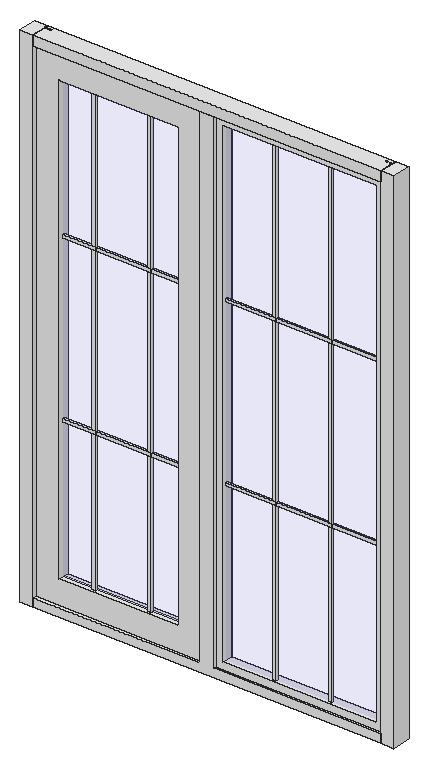
Revit family "Door_Curtain_Wall-Outswing_With_Sidelite-Traco-NX-8910-One_Panel", category Curtain Panels, Revit 2015
Parameters (values of type "NX-8910 - One_Panel-Sidelite")
  Water Resistance = 15.0000 psf
  Uniform Load Structural = 75.0000 psf
  Uniform Load Deflection = 50.0000 psf
  Product data url = "https://bimobject.com/kawneerna/product/89101"
  Product Page URL = "http://www.alcoa.com/traco/en/product.asp?cat_id=1912&prod_id=4259"
  Product Documentation Link = "http://www.alcoa.com/traco/en/cad_spec.asp?cat_id=1912&prod_id=4259&area=prod"
  Panel Width [instance] = (Door Width / 2) - 0' 3 7/16"  # 2' - 5.31356"
  Panel Material [instance] = Aluminum - Traco - Anodized - Gray
  Panel Height [instance] = Door Height - 0' 3 1/4"  # 7' - 2 3/4"
  Muntin Type = Muntin-Grid-Traco-Lites : Interior
  Glass Material [instance] = Glass - Traco - Clear
  Frame Material [instance] = Aluminum - Traco - Anodized - Gray
  Door Width [instance] = if(CTRL Opening Width < Door Width Minimum, Door Width Minimum, if(CTRL Opening Width > Door Width Maximum, Door Width Maximum, CTRL Opening Width))  # 5' - 5.50212"
  Door Height [instance] = if(CTRL Opening Height < Door Height Minimum, Door Height Minimum, if(CTRL Opening Height > Door Height Maximum, Door Height Maximum, CTRL Opening Height))  # 7' - 6"
  Door Base = 0' - 1 1/8"
  Copyright © = "2011 Traco"  # constant formula
  CTRL Opening Width [instance] = 5' - 5.50212"
  URL = "http://www.alcoa.com/traco/en/home.asp"
  U Factor = "0.40*"
  Type Comments = "1 Panel With Sidelite"
  Test Size = "48\" X 96\""
  Model = "NX-8910"
  Manufacturer = "Traco"  # constant formula
  CTRL Opening Height [instance] = 7' - 6"
  Has Muntins [instance] = yes
  Glazing Thickness = 0' - 0 3/8"  # constant formula
  Forced Entry Resistance = ""
  Door Width Minimum [instance] = 4' - 0"
  Door Width Maximum [instance] = 8' - 0"
  Door Swing Angle [instance] = 0.00°
  Door Height Minimum [instance] = 6' - 0"
  Door Height Maximum [instance] = 10' - 0"
  Designation = "AAMA/WDMA/CSA 101/I.S.2/A-440-05: HS-C50 And AAMA/WDMA/CSA 101/I.S.2/A-440-08:AW-PG50-ATD"
  Description = "Single Door"
  Condensation Resistance = "48"
  CTRL Muntin Height [instance] = Panel Height  # 7' - 2 3/4"
  Assembly Code = "B2020220"
  Allowable Air Infiltration Maximum = "0.1 @ 6.2 PSF"
Reference planes (in)
  plane 1 "Front": y = 0
  plane 2: z = 0
  plane 3 "Center (Left/Right)": x = 0
  plane 4 "Left": x = -32.75106
  plane 5 "Right": x = 32.75106
  plane 6 "Top": z = 90
  plane 7 "Door Base": z = 1.125
  plane 8 "Muntin Center F_B": y = 1.5
  plane 9 "Door Left": x = -30.50106
  plane 10 "Stop Front": y = 2.5
  plane 11 "Back": y = 3.25
  plane 12 "Center Left": x = -1.1875
  plane 13 "Center Right": x = 1.1875
  plane 14 "Door Right": x = 30.50106
  plane 15 "Panel Top": z = 88.25
  plane 16 "Right Panel Right": x = 29.37606
  plane 17 "Left Panel Left": x = -29.37606
  plane 18 "Right Door Center Left": x = 2.3125
  plane 19 "Left Door Center Right": x = -2.32399
  plane 20: z = 1.5
Text (in)
  text "Exterior" at (-54.29358, -14.36257, 0), in view "Ref. Level"
  text "Exterior" at (480, 41.53993, 89.60405), in view "Right"
  text "Exterior" at (-240, 57.82419, 105.78864), in view "Left"
Dimensions and locks (in)
  equal spacing: plane 4 "Left", plane 3 "Center (Left/Right)", plane 5 "Right"
  "Door Base": plane 2 to plane 7 "Door Base"
  "CTRL Opening Width": plane 4 "Left" to plane 5 "Right"
  locked: plane 4 "Left" to plane 9 "Door Left" at 2.25
  locked: plane 1 "Front" to plane 10 "Stop Front" at 2.5
  locked: plane 1 "Front" to plane 11 "Back" at 3.25
  locked: plane 12 "Center Left" to plane 3 "Center (Left/Right)" at 1.1875
  locked: plane 3 "Center (Left/Right)" to plane 13 "Center Right" at 1.1875
  locked: plane 14 "Door Right" to plane 5 "Right" at 2.25
  locked: plane 6 "Top" to plane 15 "Panel Top" at 1.75
  locked: plane 20 to plane 2 at 1.5
  locked: plane 9 "Door Left" to plane 17 "Left Panel Left" at 1.125
  locked: plane 13 "Center Right" to plane 18 "Right Door Center Left" at 1.125
  locked: plane 19 "Left Door Center Right" to plane 12 "Center Left" at 1.13649
  locked: plane 16 "Right Panel Right" to plane 14 "Door Right" at 1.125
  locked: plane 1 "Front" to plane 8 "Muntin Center F_B" at 1.5
  "CTRL Opening Height": plane 6 "Top" to plane 2
  aligned and locked: level to plane 2
  aligned: nested 1 to nested 2  (x2)
  aligned: nested 1 to plane 7 "Door Base"
  aligned and locked: plane 3 "Center (Left/Right)" to nested 2
  aligned and locked: nested 1 to nested 1
  aligned: nested 1 to plane 9 "Door Left"  (x2)
  aligned: plane 1 "Front" to nested 2
  aligned and locked: plane 10 "Stop Front" to nested 1
  aligned and locked: plane 1 "Front" to nested 2
  aligned and locked: nested 1 to nested 3
  aligned: plane 13 "Center Right" to nested 3  (x2)
  aligned: plane 7 "Door Base" to nested 3
  aligned: plane 15 "Panel Top" to nested 3  (x2)
  aligned: nested 1 to plane 15 "Panel Top"  (x2)
  aligned: nested 1 to plane 17 "Left Panel Left"
  aligned: nested 1 to plane 20
  aligned and locked: nested 1 to plane 20
  aligned and locked: plane 20 to nested 3
  aligned: nested 3 to plane 14 "Door Right"
  aligned and locked: plane 13 "Center Right" to nested 3
  aligned and locked: nested 1 to plane 12 "Center Left"
  aligned: plane 15 "Panel Top" to nested 4
  aligned: nested 4 to plane 20
  aligned: nested 4 to plane 12 "Center Left"
  aligned: plane 9 "Door Left" to nested 4
  aligned: nested 9 to plane 13 "Center Right"
  aligned: nested 9 to plane 14 "Door Right"
  aligned: nested 9 to plane 20
  aligned: plane 15 "Panel Top" to nested 9
  aligned and locked: nested 4 to plane 20
  aligned and locked: nested 4 to plane 12 "Center Left"
  aligned and locked: nested 9 to plane 20
  aligned and locked: nested 9 to plane 13 "Center Right"
Nested families (in)
  nested 1: "Door-Glass_Panel-Traco-(TR-8910)" at (5.49894, 2.875, 1.5) x (-1, 0, 0) z (0, 0, 1), Width <- "Panel Width", Height <- "Panel Height", Panel Material <- "Panel Material", Glass Material <- "Glass Material", Angle <- "Door Swing Angle", Glazing Thickness <- "Glazing Thickness", type "S", detail levels fine
    with built-in parameter 1001301 2' - 5.31356", built-in parameter 1001302 0' - 2", Panel Offset 0' - 4 1/4", Panel Material Aluminum - Traco - Anodized - Gray, Panel Finish none, Hidden Swing Angle 90.00°, built-in parameter 1001300 7' - 2 3/4", Glazing Thickness 0' - 0 3/8", Glazing "Low E-Argon", Glass Material Glass - Traco - Clear, Elevation Swing yes, Angle 0.00°
  nested 2: "Door_Frame-Outswing-Traco-(NX-8910)-Single_Panel_With_Sidelite" at (-24, 1.625, 0), Material <- "Frame Material", type "Standard Sill"
    with Material Aluminum - Traco - Anodized - Gray, Door Width 5' - 5.50212", Door Height 7' - 6"
  nested 3: "Door-Glass_Panel-Traco-(TR-8910)-Sidelite" at (15.84428, 2.5, 1.5), Glass Material <- "Glass Material", Glazing Thickness <- "Glazing Thickness", Height <- "Panel Height", Width <- "Panel Width", Panel Material <- "Panel Material", type "T"
    with built-in parameter 1001301 2' - 5.31356", built-in parameter 1001302 0' - 2", Panel Offset 0' - 4 1/4", Panel Material Aluminum - Traco - Anodized - Gray, Panel Finish none, built-in parameter 1001300 7' - 2 3/4", Glazing Thickness 0' - 0 3/8", Glazing "Low E-Argon", Glass Material Glass - Traco - Clear
  nested 4: "Muntin-Grid-Traco-Lites" at (-15.84428, 1.5, 44.875) x (1, 0, 0) z (0, -1, 0), type <- "Muntin Type", visible <- "Has Muntins", Glazing Thickness <- "Glazing Thickness", Sash Height <- "Panel Height", Length <- "Panel Width", type "Interior"
    with Sash Height 7' - 2 3/4", Material Aluminum - Traco - Anodized - Gray, Length 2' - 5.31356", Glazing Thickness 0' - 0 3/8", CTRL Muntin Vertical Distance 2' - 4.91667", CTRL Muntin Horizontal Distance 0' - 9.77119", CTRL Face Offset 0' - 0 1/4", CTRL Bar Vertical Visibility no, CTRL Bar Horizontal Visibility no, CTRL Array Vertical Visibility yes, CTRL Array Horizontal Visibility yes, Has Interior Muntins yes, Has Exterior Muntins no
  nested 5: "Muntin-Trapezoid-Traco-Single" at (-10.95869, 1.4375, 44.875) x (0, 0, -1) z (0, -1, 0), type "Standard Colonial"
    with Material Aluminum - Traco - Anodized - Gray, Length 7' - 2 3/4", Width Top 0' - 0 9/16", Width Base 0' - 0 9/16", Height 0' - 0 5/16"
  nested 6: "Muntin-Trapezoid-Traco-Single" at (-15.84428, 1.4375, 59.33333) x (-1, 0, 0) z (0, -1, 0), type "Standard Colonial"
    with Material Aluminum - Traco - Anodized - Gray, Length 2' - 5.31356", Width Top 0' - 0 9/16", Width Base 0' - 0 9/16", Height 0' - 0 5/16"
  nested 7: "Muntin-Trapezoid-Traco-Single" at (-20.72987, 1.4375, 44.875) x (0, 0, -1) z (0, -1, 0), type "Standard Colonial"
    with Material Aluminum - Traco - Anodized - Gray, Length 7' - 2 3/4", Width Top 0' - 0 9/16", Width Base 0' - 0 9/16", Height 0' - 0 5/16"
  nested 8: "Muntin-Trapezoid-Traco-Single" at (-15.84428, 1.4375, 30.41667) x (-1, 0, 0) z (0, -1, 0), type "Standard Colonial"
    with Material Aluminum - Traco - Anodized - Gray, Length 2' - 5.31356", Width Top 0' - 0 9/16", Width Base 0' - 0 9/16", Height 0' - 0 5/16"
  nested 9: "Muntin-Grid-Traco-Lites" at (15.84428, 1.5, 44.875) x (1, 0, 0) z (0, -1, 0), type <- "Muntin Type", visible <- "Has Muntins", Glazing Thickness <- "Glazing Thickness", Sash Height <- "Panel Height", Length <- "Panel Width", type "Interior"
    with Sash Height 7' - 2 3/4", Material Aluminum - Traco - Anodized - Gray, Length 2' - 5.31356", Glazing Thickness 0' - 0 3/8", CTRL Muntin Vertical Distance 2' - 4.91667", CTRL Muntin Horizontal Distance 0' - 9.77119", CTRL Face Offset 0' - 0 1/4", CTRL Bar Vertical Visibility no, CTRL Bar Horizontal Visibility no, CTRL Array Vertical Visibility yes, CTRL Array Horizontal Visibility yes, Has Interior Muntins yes, Has Exterior Muntins no
  nested 10: "Muntin-Trapezoid-Traco-Single" at (20.72987, 1.4375, 44.875) x (0, 0, -1) z (0, -1, 0), type "Standard Colonial"
    with Material Aluminum - Traco - Anodized - Gray, Length 7' - 2 3/4", Width Top 0' - 0 9/16", Width Base 0' - 0 9/16", Height 0' - 0 5/16"
  nested 11: "Muntin-Trapezoid-Traco-Single" at (15.84428, 1.4375, 59.33333) x (-1, 0, 0) z (0, -1, 0), type "Standard Colonial"
    with Material Aluminum - Traco - Anodized - Gray, Length 2' - 5.31356", Width Top 0' - 0 9/16", Width Base 0' - 0 9/16", Height 0' - 0 5/16"
  nested 12: "Muntin-Trapezoid-Traco-Single" at (10.95869, 1.4375, 44.875) x (0, 0, -1) z (0, -1, 0), type "Standard Colonial"
    with Material Aluminum - Traco - Anodized - Gray, Length 7' - 2 3/4", Width Top 0' - 0 9/16", Width Base 0' - 0 9/16", Height 0' - 0 5/16"
  nested 13: "Muntin-Trapezoid-Traco-Single" at (15.84428, 1.4375, 30.41667) x (-1, 0, 0) z (0, -1, 0), type "Standard Colonial"
    with Material Aluminum - Traco - Anodized - Gray, Length 2' - 5.31356", Width Top 0' - 0 9/16", Width Base 0' - 0 9/16", Height 0' - 0 5/16"
Definition of nested family "Door-Glass_Panel-Traco-(TR-8910)"
  Parameters
    Width [instance] = 3' - 0"
    Visible Light Transmission = 0
    URL = "www.integratedcontentsolutions.com"
    U Value = 0
    Type Comments = "Panel theory and model developed by Integrated Content Solutions"  # constant formula
    Thickness [instance] = 0' - 2 3/4"
    Stile Right = 0' - 4 1/8"
    Stile Left = 0' - 4 1/8"
    Solar Heat Gain Coefficient = 0
    Rail Head = 0' - 4 1/8"
    Rail Bottom = 0' - 4 1/8"
    R Value = 0
    Product Documentation Link = "www.integratedcontentsolutions.com"
    Panel Offset [instance] = 0' - 4 1/4"
    Panel Material [instance] = none
    Panel Finish [instance] = none
    Manufacturer = "Integrated Content Solutions"  # constant formula
    LEED Credit = ""
    Hidden Swing Angle [instance] = 90.00°
    Height [instance] = 7' - 0"
    Glazing Thickness [instance] = 0' - 1"
    Glazing [instance] = "Low E-Argon"
    Glass Material [instance] = none
    Function = 1
    Energy Star Zone = ""
    Elevation Swing [instance] = yes
    Copyright © = "Integrated Content Solutions © 2009"  # constant formula
    Assembly Code = "C1020110"
    Appear In Schedule = 0 = 1  # no
    Angle [instance] = 90.00°
    Air Leakage = 0
  Reference planes (in)
    plane 1 "Exterior": y = 0
    plane 2 "Bottom": z = 0
    plane 3 "Strike": x = 0
    plane 4 "Interior": y = -2.75
    plane 5 "Hinge": x = 36
    plane 6 "Top": z = 84
    plane 7 "Panel Center of Thickness": y = -1.375
    plane 8 "Panel Left": x = 4.125
    plane 9 "Panel Right": x = 31.875
    plane 10 "Panel Top": z = 79.875
    plane 11 "Panel Bottom": z = 4.125
    plane 12 "Glass Exterior": y = -0.875
    plane 13 "Glass Interior": y = -1.875
    plane 14 "Center L_R": x = 18
  Forms (in)
    Extrusion 1, solid, material <- "Panel Material"
      sketch origin (0, 0, 0) x (1, 0, 0) y (0, 0, 1)
        loop
          line (0, 84) -> (0, 0) -> (36, 0) -> (36, 84) -> (0, 84)
        loop
          line (4.125, 79.875) -> (4.125, 4.125) -> (31.875, 4.125) -> (31.875, 79.875) -> (4.125, 79.875)
      from 0 to 2.75
    Extrusion 2, solid, material <- "Glass Material"
      sketch origin (0, 0, 0) x (1, 0, 0) y (0, 0, -1)
        loop
          line (4.125, -79.875) -> (31.875, -79.875) -> (31.875, -4.125) -> (4.125, -4.125) -> (4.125, -79.875)
      from -1.875 to -0.875
  Lines and regions (in)
    Masking region 1
      outline origin (0, -1.375, 0) x (-1, 0, 0) y (0, 0, 1)
        loop
          line (0, 0) -> (0, 84) -> (-36, 84) -> (-36, 0) -> (0, 0)
        loop
          line (-4.125, 4.125) -> (-4.125, 79.875) -> (-31.875, 79.875) -> (-31.875, 4.125) -> (-4.125, 4.125)
    symbolic lines
      curve 1: line (4.125, -1.375, 4.125) -> (31.875, -1.375, 4.125)
      curve 2: line (4.125, -1.375, 79.875) -> (4.125, -1.375, 4.125)
      curve 3: line (31.875, -1.375, 79.875) -> (4.125, -1.375, 79.875)
      curve 4: line (31.875, -1.375, 4.125) -> (31.875, -1.375, 79.875)
  Dimensions and locks (in)
    "Width": plane 3 "Strike" to plane 5 "Hinge"
    "Thickness": plane 4 "Interior" to plane 1 "Exterior"
    "Height": plane 6 "Top" to plane 2 "Bottom"
    equal spacing: plane 4 "Interior", plane 7 "Panel Center of Thickness", plane 1 "Exterior"
    "Stile Left": plane 8 "Panel Left" to plane 3 "Strike"
    "Stile Right": plane 5 "Hinge" to plane 9 "Panel Right"
    "Rail Bottom": plane 11 "Panel Bottom" to plane 2 "Bottom"
    "Rail Head": plane 6 "Top" to plane 10 "Panel Top"
    equal spacing: plane 13 "Glass Interior", plane 7 "Panel Center of Thickness", plane 12 "Glass Exterior"
    "Glazing Thickness": plane 13 "Glass Interior" to plane 12 "Glass Exterior"
    equal spacing: plane 5 "Hinge", plane 14 "Center L_R", plane 3 "Strike"
    aligned and locked: plane 3 "Strike" to Extrusion 1 sketch curve
    aligned and locked: Extrusion 1 sketch curve to plane 6 "Top"
    aligned and locked: level to Extrusion 1 sketch curve
    aligned and locked: Extrusion 1 sketch curve to plane 5 "Hinge"
    aligned and locked: Extrusion 1 to plane 1 "Exterior"
    aligned and locked: plane 4 "Interior" to Extrusion 1
    aligned and locked: level to plane 2 "Bottom"
    aligned and locked: plane 8 "Panel Left" to Extrusion 1 sketch curve
    aligned and locked: Extrusion 1 sketch curve to plane 10 "Panel Top"
    aligned and locked: plane 11 "Panel Bottom" to Extrusion 1 sketch curve
    aligned and locked: Extrusion 1 sketch curve to plane 9 "Panel Right"
    aligned and locked: Extrusion 2 to plane 13 "Glass Interior"
    aligned and locked: plane 12 "Glass Exterior" to Extrusion 2
    aligned and locked: plane 6 "Top" to Masking region 1 sketch curve
    aligned and locked: Masking region 1 sketch curve to plane 3 "Strike"
    aligned and locked: plane 5 "Hinge" to Masking region 1 sketch curve
    aligned and locked: Masking region 1 sketch curve to plane 2 "Bottom"
    aligned and locked: curve 2 to plane 8 "Panel Left"
    aligned and locked: plane 10 "Panel Top" to curve 3
    aligned and locked: plane 9 "Panel Right" to curve 4
    aligned and locked: curve 1 to plane 11 "Panel Bottom"
    aligned and locked: plane 4 "Interior" to nested 1
    aligned and locked: Extrusion 2 to plane 8 "Panel Left"
    aligned and locked: plane 9 "Panel Right" to Extrusion 2
    aligned and locked: plane 10 "Panel Top" to Masking region 1 sketch curve
    aligned and locked: Masking region 1 sketch curve to plane 8 "Panel Left"
    aligned and locked: plane 9 "Panel Right" to Masking region 1 sketch curve
    aligned and locked: Masking region 1 sketch curve to plane 11 "Panel Bottom"
    aligned and locked: Extrusion 2 sketch curve to plane 10 "Panel Top"
    aligned and locked: Extrusion 2 sketch curve to plane 9 "Panel Right"
    aligned and locked: plane 8 "Panel Left" to Extrusion 2 sketch curve
    aligned and locked: plane 11 "Panel Bottom" to Extrusion 2 sketch curve
  Nested families (in)
    nested 1: "Plan Swing" at (0, -2.75, 0), Width <- "Width", Thickness <- "Thickness", Height <- "Height", Angle <- "Angle", Elevation Swing Visibility <- "Elevation Swing", Hidden Swing Angle <- "Hidden Swing Angle", type "Plan Swing"
      with Width 3' - 0", Thickness 0' - 2 3/4", Slide Indicator Visbility no, Plan Swing Visibility yes, Hidden Swing Visibility no, Hidden Swing Angle 90.00°, Hidden Angle CTRL 90.00°, Height 7' - 0", Elevation Swing Visibility yes, Closed Panel Visaibilty no, Angle CTRL 90.00°, Angle 90.00°
  Definition of nested family "Plan Swing"
    Parameters
      Width [instance] = 3' - 0"
      URL = "www.integratedcontentsolutions.com"
      Type Comments = "Swing graphics developed by Integrated Content Solutions"  # constant formula
      Thickness [instance] = 0' - 2"
      Slide Indicator Visbility [instance] = no
      Plan Swing Visibility [instance] = Angle > 0.00°  # yes
      Manufacturer = "Integrated Content Solutions"  # constant formula
      Hidden Swing Visibility [instance] = yes
      Hidden Swing Angle [instance] = 90.00°
      Hidden Angle CTRL [instance] = if(Hidden Swing Angle < 5.00°, 5.00°, if(Hidden Swing Angle > 175.00°, 175.00°, Hidden Swing Angle))  # 90.00°
      Height [instance] = 7' - 0"
      Elevation Swing Visibility [instance] = yes
      Copyright © = "Integrated Content Solutions © 2009"  # constant formula
      Closed Panel Visaibilty [instance] = Angle = 0.00°  # no
      Assembly Code = ""
      Angle CTRL [instance] = if(Angle < 5.00°, 5.00°, if(Angle > 175.00°, 175.00°, Angle))  # 45.00°
      Angle [instance] = 45.00°
    Reference planes (in)
      plane 1 "Exterior": y = 0
      plane 2 "Bottom": z = 0
      plane 3 "Strike": x = 0
      plane 4 "Hinge": x = 36
      plane 5 "Top": z = 84
      plane 6 "Interior": y = -2
    Lines and regions (in)
      model lines
        curve 1: line (0, 0, 0) -> (0, -2, 0)
        curve 2: line (36, -2, 0) -> (36, 0, 0)
      symbolic lines, visible <- "Plan Swing Visibility"
        curve 3: line (36, 0, 0) -> (10.54416, 25.45584, 0)
        curve 4: line (10.54416, 25.45584, 0) -> (9.12994, 24.04163, 0)
        curve 5: line (9.12994, 24.04163, 0) -> (34.58579, -1.41421, 0)
        curve 6: line (34.58579, -1.41421, 0) -> (36, 0, 0)
        curve 13: arc (10.54416, 25.45584, 0) -> (2.74034, 13.7766, 0) -> (0, 0, 0) r 36
      symbolic lines, visible <- "Elevation Swing Visibility"
        curve 7: line (0, -2, 84) -> (36, -2, 42)
        curve 8: line (36, -2, 42) -> (0, -2, 0)
      symbolic lines, visible <- "Hidden Swing Visibility"
        curve 9: line (36, 0, 0) -> (36, 36, 0)
        curve 10: line (36, 36, 0) -> (34, 36, 0)
        curve 11: line (34, 36, 0) -> (34, 0, 0)
        curve 12: line (34, 0, 0) -> (36, 0, 0)
        curve 18: arc (0, 0, 0) -> (10.54416, 25.45584, 0) -> (36, 36, 0) r 36
      symbolic lines, visible <- "Closed Panel Visaibilty"
        curve 14: line (0, 0, 0) -> (36, 0, 0)
        curve 15: line (0, -2, 0) -> (0, 0, 0)
        curve 16: line (36, -2, 0) -> (0, -2, 0)
        curve 17: line (36, 0, 0) -> (36, -2, 0)
      symbolic lines, visible <- "Slide Indicator Visbility"
        curve 19: line (18, -2, 42.16893) -> (15.87868, -2, 44.29025)
        curve 20: line (18, -2, 42.16893) -> (15.87868, -2, 40.04761)
        curve 21: line (18, -2, 42.16893) -> (9, -2, 42.16893)
    Dimensions and locks (in)
      "Width": plane 3 "Strike" to plane 4 "Hinge"
      "Height": plane 5 "Top" to plane 2 "Bottom"
      equal spacing: plane 5 "Top", curve 8, plane 2 "Bottom"
      "Thickness": plane 6 "Interior" to plane 1 "Exterior"
      "Thickness": curve 3 to curve 5
      "Width": curve 6 to curve 4
      "Width": curve 9 to curve 9
      "Thickness": curve 9 to curve 11
      locked: curve 21 to curve 21 at 9
      equal spacing: plane 4 "Hinge", curve 21, plane 3 "Strike"
      locked: curve 3 to curve 6 (angle 90.00°)
      locked: curve 5 to curve 6 (angle 90.00°)
      locked: curve 4 to curve 3 (angle 90.00°)
      locked: curve 9 to curve 12 (angle 90.00°)
      locked: curve 11 to curve 12 (angle 90.00°)
      locked: curve 10 to curve 9 (angle 90.00°)
      "Hidden Angle CTRL": angle curve 9 to plane 1 "Exterior"
      "Angle CTRL": angle curve 3 to plane 1 "Exterior"
      aligned and locked: plane 2 "Bottom" to level
      aligned and locked: plane 1 "Exterior" to curve 2
      aligned and locked: plane 4 "Hinge" to curve 2
      aligned and locked: plane 6 "Interior" to curve 1
      aligned and locked: plane 6 "Interior" to curve 2
      aligned and locked: plane 4 "Hinge" to curve 9
      aligned and locked: curve 1 to plane 3 "Strike"
      aligned and locked: plane 3 "Strike" to curve 15
      aligned and locked: plane 1 "Exterior" to curve 14
    Automatic sketch dimensions
      curve 8 to level = 0' - 0"
      curve 8 to plane 3 "Strike" = 0' - 0"
      curve 7 to plane 3 "Strike" = 0' - 0"
      curve 7 to plane 4 "Hinge" = 0' - 0"
      curve 7 to plane 5 "Top" = 0' - 0"
      curve 19 to curve 20 = 0' - 0"
      curve 20 to curve 20 = 0' - 2.12132"
      curve 20 to curve 7 = 0' - 1.95239"
      curve 20 to curve 19 = 0' - 2.12132"
Definition of nested family "Door_Frame-Outswing-Traco-(NX-8910)-Single_Panel_With_Sidelite"
  Parameters
    Mullion Thickness = 0' - 2 3/8"
    Material [instance] = none
    Jamb Thickness = 0' - 2 1/4"
    Head Thickness = 0' - 1 3/4"
    Frame Depth = 0' - 3 1/4"
    Door Width = 4' - 0"
    Door Height = 8' - 0"
    Assembly Code = ""
  Reference planes (in)
    plane 1 "Center (Front/Back)": y = 0
    plane 2 "Bottom": z = 0
    plane 3 "Center (Left/Right)": x = 24
    plane 4 "Interior": y = 1.625
    plane 5 "Exterior": y = -1.625
    plane 6 "Left Side": x = 0
    plane 7 "Top of Frame": z = 96
    plane 8 "Inside Frame Left Side": x = 2.25
    plane 9 "Inside Frame Right Side": x = 45.75
    plane 10 "Top Rail Bottom": z = 94.25
    plane 11 "Bottom Rail Top": z = 1.5
    plane 12 "Right Side": x = 48
    plane 13 "Mullion Left Side": x = 22.8125
    plane 14 "Mullion Right Side": x = 25.1875
    plane 15 "Stop Left": x = 3.375
    plane 16 "Stop Right": x = 44.625
    plane 17 "Bottom Stop Top": z = 2.4375
    plane 18 "Top Stop Bottom": z = 93.375
    plane 19 "Center Stop Left": x = 21.6875
    plane 20 "Center Stop Right": x = 26.3125
    plane 21 "Tab Back": y = 1
    plane 22 "Tab Front": y = 0.875
  Forms (in)
    Extrusion 1, solid, material <- "Material"
      sketch origin (24, 0, 0) x (0, 1, 0) y (0, 0, 1)
        loop
          line (1.625, 0) -> (1.625, 2) -> (0.875, 2.4375) -> (0.875, 1.5) -> (-1.625, 1.5) -> (-1.625, 0) -> (1.625, 0)
      from -21.75 to 21.75
    Extrusion 2, solid, material <- "Material"
      sketch origin (24, 0, 0) x (0, 1, 0) y (0, 0, 1)
        loop
          line (-1.625, 96) -> (-1.625, 94.25) -> (0.875, 94.25) -> (0.875, 93.375) -> (1, 93.375) -> (1, 94.25) -> (1.625, 94.25) -> (1.625, 96) -> (-1.625, 96)
      from -21.75 to 21.75
    Extrusion 3, solid, material <- "Material"
      sketch origin (0, 0, 0) x (1, 0, 0) y (0, 1, 0)
        loop
          line (0, -1.625) -> (2.25, -1.625) -> (2.25, 0.875) -> (3.375, 0.875) -> (3.375, 1) -> (2.25, 1) -> (2.25, 1.625) -> (0, 1.625) -> (0, -1.625)
        loop
          line (48, -1.625) -> (48, 1.625) -> (45.75, 1.625) -> (45.75, 1) -> (44.625, 1) -> (44.625, 0.875) -> (45.75, 0.875) -> (45.75, -1.625) -> (48, -1.625)
      from 0 to 96
    Extrusion 4, solid, material <- "Material"
      sketch origin (0, 0, 0) x (1, 0, 0) y (0, 1, 0)
        loop
          line (22.8125, -1.625) -> (25.1875, -1.625) -> (25.1875, 0.875) -> (26.3125, 0.875) -> (26.3125, 1) -> (25.1875, 1) -> (25.1875, 1.625) -> (22.8125, 1.625) -> (22.8125, 1) -> (21.6875, 1) -> (21.6875, 0.875) -> (22.8125, 0.875) -> (22.8125, -1.625)
      from 1.5 to 94.25
  Cuts and joins
    joined: Extrusion 1, Extrusion 4
  Lines and regions (in)
    Masking region 1
      outline origin (0, 1.625, 0) x (-1, 0, 0) y (0, 0, 1)
        loop
          line (0, 0) -> (0, 96) -> (-48, 96) -> (-48, 0) -> (0, 0)
        loop
          line (-3.375, 2.4375) -> (-3.375, 93.375) -> (-21.6875, 93.375) -> (-21.6875, 2.4375) -> (-3.375, 2.4375)
        loop
          line (-44.625, 2.4375) -> (-26.3125, 2.4375) -> (-26.3125, 93.375) -> (-44.625, 93.375) -> (-44.625, 2.4375)
    Masking region 2
      outline origin (0, -1.625, 0) x (1, 0, 0) y (0, 0, 1)
        loop
          line (0, 0) -> (48, 0) -> (48, 96) -> (0, 96) -> (0, 0)
        loop
          line (3.375, 2.4375) -> (21.6875, 2.4375) -> (21.6875, 93.375) -> (3.375, 93.375) -> (3.375, 2.4375)
        loop
          line (26.3125, 93.375) -> (26.3125, 2.4375) -> (44.625, 2.4375) -> (44.625, 93.375) -> (26.3125, 93.375)
    Masking region 3
      outline origin (0, 0, 96) x (-1, 0, 0) y (0, -1, 0)
        loop
          line (0, 1.625) -> (-48, 1.625) -> (-48, -1.625) -> (0, -1.625) -> (0, 1.625)
    Masking region 4
      outline origin (0, 0, 0) x (0, -1, 0) y (0, 0, 1)
        loop
          line (1.625, 0) -> (1.625, 96) -> (-1.625, 96) -> (-1.625, 0) -> (1.625, 0)
    Masking region 5
      outline origin (48, 0, 0) x (0, -1, 0) y (0, 0, 1)
        loop
          line (1.625, 0) -> (1.625, 96) -> (-1.625, 96) -> (-1.625, 0) -> (1.625, 0)
    symbolic lines
      curve 1: line (44.625, 1.625, 1.5) -> (44.625, 1.625, 2.4375)
      curve 2: line (44.625, 1.625, 2.4375) -> (45.75, 1.625, 2.4375)
      curve 3: line (21.6875, 1.625, 2.4375) -> (22.8125, 1.625, 2.4375)
      curve 4: line (25.1875, 1.625, 2.4375) -> (26.3125, 1.625, 2.4375)
      curve 5: line (2.25, 1.625, 93.375) -> (3.375, 1.625, 93.375)
      curve 6: line (3.375, 1.625, 93.375) -> (3.375, 1.625, 94.25)
      curve 7: line (21.6875, 1.625, 93.375) -> (21.6875, 1.625, 94.25)
      curve 8: line (21.6875, 1.625, 93.375) -> (22.8125, 1.625, 93.375)
      curve 9: line (26.3125, 1.625, 93.375) -> (25.1875, 1.625, 93.375)
      curve 10: line (26.3125, 1.625, 93.375) -> (26.3125, 1.625, 94.25)
      curve 11: line (45.75, 1.625, 93.375) -> (44.625, 1.625, 93.375)
      curve 12: line (44.625, 1.625, 94.125) -> (44.625, 1.625, 93.375)
      curve 13: line (25.1875, 1.625, 2.4375) -> (25.1875, 1.625, 1.5)
      curve 14: line (22.8125, 1.625, 1.5) -> (22.8125, 1.625, 94.25)
      curve 15: line (25.1875, 1.625, 94.25) -> (25.1875, 1.625, 1.5)
      curve 16: line (2.25, 1.625, 0) -> (2.25, 1.625, 96)
      curve 17: line (2.25, 1.625, 2.4375) -> (3.375, 1.625, 2.4375)
      curve 18: line (3.375, 1.625, 2.4375) -> (3.375, 1.625, 1.5)
      curve 19: line (2.25, 1.625, 1.5) -> (45.75, 1.625, 1.5)
      curve 20: line (2.25, 1.625, 94.25) -> (45.75, 1.625, 94.25)
      curve 21: line (45.75, 1.625, 96) -> (45.75, 1.625, 0)
      curve 22: line (26.3125, 1.625, 2.4375) -> (26.3125, 1.625, 1.5)
      curve 23: line (21.6875, 1.625, 1.5) -> (21.6875, 1.625, 2.4375)
      curve 24: line (2.25, -1.625, 0) -> (2.25, -1.625, 96)
      curve 25: line (45.75, -1.625, 96) -> (45.75, -1.625, 0)
      curve 26: line (2.25, -1.625, 1.5) -> (45.75, -1.625, 1.5)
      curve 27: line (2.25, -1.625, 94.25) -> (45.75, -1.625, 94.25)
      curve 28: line (3.375, -1.625, 94.25) -> (3.375, -1.625, 93.375)
      curve 29: line (2.25, -1.625, 93.375) -> (3.375, -1.625, 93.375)
      curve 30: line (44.625, -1.625, 94.25) -> (44.625, -1.625, 93.375)
      curve 31: line (45.75, -1.625, 93.375) -> (44.625, -1.625, 93.375)
      curve 32: line (22.8125, -1.625, 94.25) -> (22.8125, -1.625, 1.5)
      curve 33: line (25.1875, -1.625, 1.5) -> (25.1875, -1.625, 94.25)
      curve 34: line (21.6875, -1.625, 1.5) -> (21.6875, -1.625, 2.4375)
      curve 35: line (21.6875, -1.625, 2.4375) -> (22.8125, -1.625, 2.4375)
      curve 36: line (25.1875, -1.625, 2.4375) -> (26.3125, -1.625, 2.4375)
      curve 37: line (25.1875, -1.625, 2.4375) -> (25.1875, -1.625, 1.5)
      curve 38: line (2.25, -1.625, 2.4375) -> (3.375, -1.625, 2.4375)
      curve 39: line (3.375, -1.625, 2.4375) -> (3.375, -1.625, 1.5)
      curve 40: line (44.625, -1.625, 2.4375) -> (45.75, -1.625, 2.4375)
      curve 41: line (44.625, -1.625, 2.4375) -> (44.625, -1.625, 1.5)
      curve 42: line (26.3125, -1.625, 2.4375) -> (26.3125, -1.625, 1.5)
      curve 43: line (26.3125, -1.625, 93.375) -> (26.3125, -1.625, 94.25)
      curve 44: line (21.6875, -1.625, 93.375) -> (21.6875, -1.625, 94.25)
      curve 46: line (45.75, -1.625, 0) -> (45.75, 1.625, 0)
    symbolic lines, detail levels medium+fine
      curve 45: line (2.25, -1.625, 96) -> (2.25, 0.875, 96)
      curve 47: line (2.25, 1, 96) -> (2.25, 1.625, 96)
      curve 48: line (2.25, 1, 96) -> (3.375, 1, 96)
      curve 49: line (3.375, 1, 96) -> (3.375, 0.875, 96)
      curve 50: line (3.375, 0.875, 96) -> (2.25, 0.875, 96)
      curve 51: line (22.8125, 1.625, 96) -> (22.8125, 1, 96)
      curve 52: line (22.8125, 1, 96) -> (21.6875, 1, 96)
      curve 53: line (21.6875, 1, 96) -> (21.6875, 0.875, 96)
      curve 54: line (21.6875, 0.875, 96) -> (22.8125, 0.875, 96)
      curve 55: line (22.8125, 0.875, 96) -> (22.8125, -1.625, 96)
      curve 56: line (25.1875, 1.625, 96) -> (25.1875, 1, 96)
      curve 57: line (25.1875, 1, 96) -> (26.3125, 1, 96)
      curve 58: line (26.3125, 1, 96) -> (26.3125, 0.875, 96)
      curve 59: line (26.3125, 0.875, 96) -> (25.1875, 0.875, 96)
      curve 60: line (25.1875, 0.875, 96) -> (25.1875, -1.625, 96)
      curve 61: line (45.75, 1.625, 96) -> (45.75, 1, 96)
      curve 62: line (45.75, 1, 96) -> (44.625, 1, 96)
      curve 63: line (44.625, 1, 96) -> (44.625, 0.875, 96)
      curve 64: line (44.625, 0.875, 96) -> (45.75, 0.875, 96)
      curve 65: line (45.75, 0.875, 96) -> (45.75, -1.625, 96)
  Dimensions and locks (in)
    equal spacing: plane 4 "Interior", plane 1 "Center (Front/Back)", plane 5 "Exterior"
    "Frame Depth": plane 4 "Interior" to plane 5 "Exterior"
    "Head Thickness": plane 7 "Top of Frame" to plane 10 "Top Rail Bottom"
    "Jamb Thickness": plane 6 "Left Side" to plane 8 "Inside Frame Left Side"
    "Door Height": plane 7 "Top of Frame" to plane 2 "Bottom"
    plane 11 "Bottom Rail Top" to plane 2 "Bottom" = 0' - 1 1/2"
    equal spacing: plane 6 "Left Side", plane 3 "Center (Left/Right)", plane 12 "Right Side"
    "Door Width": plane 12 "Right Side" to plane 6 "Left Side"
    "Jamb Thickness": plane 12 "Right Side" to plane 9 "Inside Frame Right Side"
    equal spacing: plane 13 "Mullion Left Side", plane 3 "Center (Left/Right)", plane 14 "Mullion Right Side"
    "Mullion Thickness": plane 13 "Mullion Left Side" to plane 14 "Mullion Right Side"
    locked: plane 8 "Inside Frame Left Side" to plane 15 "Stop Left" at 1.125
    locked: plane 16 "Stop Right" to plane 9 "Inside Frame Right Side" at 1.125
    locked: plane 17 "Bottom Stop Top" to plane 11 "Bottom Rail Top" at 0.9375
    locked: plane 10 "Top Rail Bottom" to plane 18 "Top Stop Bottom" at 0.875
    locked: plane 19 "Center Stop Left" to plane 13 "Mullion Left Side" at 1.125
    locked: plane 14 "Mullion Right Side" to plane 20 "Center Stop Right" at 1.125
    locked: plane 1 "Center (Front/Back)" to plane 22 "Tab Front" at 0.875
    locked: plane 21 "Tab Back" to plane 22 "Tab Front" at 0.125
    aligned and locked: level to plane 2 "Bottom"
    aligned and locked: plane 8 "Inside Frame Left Side" to Extrusion 1
    aligned and locked: Extrusion 1 to plane 9 "Inside Frame Right Side"
    aligned and locked: plane 8 "Inside Frame Left Side" to Extrusion 2
    aligned and locked: Extrusion 2 to plane 9 "Inside Frame Right Side"
    aligned and locked: plane 7 "Top of Frame" to Extrusion 3
    aligned and locked: plane 10 "Top Rail Bottom" to Extrusion 4
    aligned: Extrusion 4 to Extrusion 1
    aligned and locked: Extrusion 4 to plane 11 "Bottom Rail Top"
    aligned and locked: Masking region 1 sketch curve to plane 6 "Left Side"
    aligned and locked: Masking region 1 sketch curve to plane 2 "Bottom"
    aligned and locked: plane 12 "Right Side" to Masking region 1 sketch curve
    aligned and locked: plane 7 "Top of Frame" to Masking region 1 sketch curve
    aligned and locked: plane 18 "Top Stop Bottom" to Masking region 1 sketch curve
    aligned and locked: plane 15 "Stop Left" to Masking region 1 sketch curve
    aligned and locked: Masking region 1 sketch curve to plane 17 "Bottom Stop Top"
    aligned and locked: Masking region 1 sketch curve to plane 18 "Top Stop Bottom"
    aligned and locked: plane 16 "Stop Right" to Masking region 1 sketch curve
    aligned and locked: plane 17 "Bottom Stop Top" to Masking region 1 sketch curve
    aligned and locked: Masking region 1 sketch curve to plane 19 "Center Stop Left"
    aligned and locked: Masking region 1 sketch curve to plane 20 "Center Stop Right"
    aligned and locked: Masking region 2 sketch curve to plane 2 "Bottom"
    aligned and locked: Masking region 2 sketch curve to plane 6 "Left Side"
    aligned and locked: plane 12 "Right Side" to Masking region 2 sketch curve
    aligned and locked: plane 7 "Top of Frame" to Masking region 2 sketch curve
    aligned and locked: plane 15 "Stop Left" to Masking region 2 sketch curve
    aligned and locked: plane 18 "Top Stop Bottom" to Masking region 2 sketch curve
    aligned and locked: Masking region 2 sketch curve to plane 18 "Top Stop Bottom"
    aligned and locked: Masking region 2 sketch curve to plane 17 "Bottom Stop Top"
    aligned and locked: plane 17 "Bottom Stop Top" to Masking region 2 sketch curve
    aligned and locked: Masking region 2 sketch curve to plane 19 "Center Stop Left"
    aligned and locked: Masking region 2 sketch curve to plane 20 "Center Stop Right"
    aligned and locked: plane 16 "Stop Right" to Masking region 2 sketch curve
    aligned and locked: curve 5 to plane 18 "Top Stop Bottom"
    aligned and locked: curve 6 to plane 15 "Stop Left"
    aligned and locked: curve 3 to plane 17 "Bottom Stop Top"
    aligned and locked: curve 4 to plane 17 "Bottom Stop Top"
    aligned and locked: curve 2 to plane 17 "Bottom Stop Top"
    aligned and locked: plane 18 "Top Stop Bottom" to curve 9
    aligned and locked: plane 20 "Center Stop Right" to curve 10
    aligned and locked: curve 7 to plane 19 "Center Stop Left"
    aligned and locked: curve 8 to plane 18 "Top Stop Bottom"
    aligned and locked: plane 18 "Top Stop Bottom" to curve 11
    aligned and locked: plane 16 "Stop Right" to curve 12
    aligned and locked: plane 14 "Mullion Right Side" to curve 13
    aligned and locked: Extrusion 4 to plane 14 "Mullion Right Side"  (x2)
    aligned and locked: Extrusion 4 to plane 13 "Mullion Left Side"
    aligned and locked: curve 16 to plane 8 "Inside Frame Left Side"
    aligned and locked: curve 17 to plane 17 "Bottom Stop Top"
    aligned and locked: plane 15 "Stop Left" to curve 18
    aligned and locked: curve 19 to plane 11 "Bottom Rail Top"
    aligned and locked: curve 20 to plane 10 "Top Rail Bottom"
    aligned and locked: plane 9 "Inside Frame Right Side" to curve 21
    aligned and locked: plane 20 "Center Stop Right" to curve 22
    aligned and locked: curve 23 to plane 19 "Center Stop Left"
    aligned and locked: Extrusion 3 to plane 8 "Inside Frame Left Side"  (x2)
    aligned and locked: curve 24 to plane 8 "Inside Frame Left Side"
    aligned and locked: plane 9 "Inside Frame Right Side" to Extrusion 3  (x2)
    aligned and locked: plane 11 "Bottom Rail Top" to Extrusion 1
    aligned and locked: Extrusion 2 to plane 10 "Top Rail Bottom"
    aligned and locked: plane 15 "Stop Left" to curve 28
    aligned and locked: curve 29 to plane 18 "Top Stop Bottom"
    aligned and locked: plane 16 "Stop Right" to curve 30
    aligned and locked: plane 18 "Top Stop Bottom" to curve 31
    aligned and locked: curve 32 to plane 13 "Mullion Left Side"
    aligned and locked: curve 33 to plane 14 "Mullion Right Side"
    aligned and locked: curve 26 to plane 11 "Bottom Rail Top"
    aligned and locked: curve 34 to plane 19 "Center Stop Left"
    aligned and locked: curve 35 to plane 17 "Bottom Stop Top"
    aligned and locked: curve 36 to plane 17 "Bottom Stop Top"
    aligned and locked: curve 14 to plane 13 "Mullion Left Side"
    aligned and locked: curve 15 to plane 14 "Mullion Right Side"
    aligned and locked: plane 15 "Stop Left" to curve 39
    aligned and locked: curve 38 to plane 17 "Bottom Stop Top"
    aligned and locked: plane 16 "Stop Right" to curve 41
    aligned and locked: curve 40 to plane 17 "Bottom Stop Top"
    aligned and locked: plane 9 "Inside Frame Right Side" to curve 25
    aligned and locked: plane 20 "Center Stop Right" to curve 42
    aligned and locked: plane 20 "Center Stop Right" to curve 43
    aligned and locked: curve 44 to plane 19 "Center Stop Left"
    aligned and locked: plane 4 "Interior" to Masking region 3 sketch curve
    aligned and locked: plane 6 "Left Side" to Masking region 3 sketch curve
    aligned and locked: plane 5 "Exterior" to Masking region 3 sketch curve
    aligned and locked: plane 12 "Right Side" to Masking region 3 sketch curve
    aligned and locked: curve 45 to plane 8 "Inside Frame Left Side"
    aligned and locked: curve 46 to plane 9 "Inside Frame Right Side"
    aligned and locked: plane 21 "Tab Back" to Extrusion 3  (x2)
    aligned and locked: Extrusion 3 to plane 15 "Stop Left"
    aligned and locked: Extrusion 3 to plane 22 "Tab Front"  (x2)
    aligned and locked: Extrusion 1 to plane 8 "Inside Frame Left Side"
    aligned and locked: plane 13 "Mullion Left Side" to Extrusion 4
    aligned and locked: plane 21 "Tab Back" to Extrusion 4  (x2)
    aligned and locked: plane 19 "Center Stop Left" to Extrusion 4
    aligned and locked: Extrusion 4 to plane 22 "Tab Front"  (x2)
    aligned and locked: plane 13 "Mullion Left Side" to curve 55
    aligned and locked: plane 14 "Mullion Right Side" to curve 56
    aligned and locked: Extrusion 4 to plane 20 "Center Stop Right"
    aligned and locked: plane 14 "Mullion Right Side" to curve 60
    aligned and locked: plane 16 "Stop Right" to Extrusion 3
    aligned and locked: plane 9 "Inside Frame Right Side" to curve 65
    aligned and locked: curve 47 to plane 8 "Inside Frame Left Side"
    aligned and locked: curve 48 to plane 21 "Tab Back"
    aligned and locked: plane 15 "Stop Left" to curve 49
    aligned and locked: plane 22 "Tab Front" to curve 50
    aligned and locked: plane 13 "Mullion Left Side" to curve 51
    aligned and locked: curve 54 to plane 22 "Tab Front"
    aligned and locked: plane 19 "Center Stop Left" to curve 53
    aligned and locked: plane 21 "Tab Back" to curve 52
    aligned and locked: curve 57 to plane 21 "Tab Back"
    aligned and locked: plane 20 "Center Stop Right" to curve 58
    aligned and locked: plane 22 "Tab Front" to curve 59
    aligned and locked: plane 9 "Inside Frame Right Side" to curve 61
    aligned and locked: plane 21 "Tab Back" to curve 62
    aligned and locked: curve 64 to plane 22 "Tab Front"
    aligned and locked: plane 16 "Stop Right" to curve 63
    aligned and locked: plane 7 "Top of Frame" to Masking region 4 sketch curve
    aligned and locked: plane 4 "Interior" to Masking region 4 sketch curve
    aligned and locked: Masking region 4 sketch curve to plane 5 "Exterior"
    aligned and locked: Masking region 4 sketch curve to plane 2 "Bottom"
    aligned and locked: plane 7 "Top of Frame" to Masking region 5 sketch curve
    aligned and locked: plane 4 "Interior" to Masking region 5 sketch curve
    aligned and locked: Masking region 5 sketch curve to plane 5 "Exterior"
    aligned and locked: Masking region 5 sketch curve to plane 2 "Bottom"
  Automatic sketch dimensions
    Extrusion 4 sketch curve to plane 4 "Interior" = 0' - 0"
    Extrusion 4 sketch curve to plane 13 "Mullion Left Side" = 0' - 0"  (x2)
    Extrusion 4 sketch curve to plane 14 "Mullion Right Side" = 0' - 0"  (x2)
    plane 5 "Exterior" to Extrusion 4 sketch curve = 0' - 0"
    plane 13 "Mullion Left Side" to Extrusion 4 sketch curve = 0' - 1 1/8"
    Extrusion 4 sketch curve to Extrusion 4 sketch curve = 0' - 1 1/8"
    Extrusion 4 sketch curve to plane 4 "Interior" = 0' - 0 3/4"  (x2)
    Extrusion 4 sketch curve to Extrusion 4 sketch curve = 0' - 0 1/8"  (x2)
    Extrusion 1 sketch curve to plane 5 "Exterior" = 0' - 0"
    Extrusion 1 sketch curve to plane 11 "Bottom Rail Top" = 0' - 0"
    Extrusion 1 sketch curve to plane 4 "Interior" = 0' - 0"
    Extrusion 1 sketch curve to level = 0' - 0"
    Extrusion 1 sketch curve to plane 4 "Interior" = 0' - 0 3/4"
    plane 11 "Bottom Rail Top" to Extrusion 1 sketch curve = 0' - 0 1/2"
    Extrusion 1 sketch curve to Extrusion 1 sketch curve = 0' - 0 7/16"
    Extrusion 2 sketch curve to plane 5 "Exterior" = 0' - 0"
    Extrusion 2 sketch curve to plane 10 "Top Rail Bottom" = 0' - 0"  (x2)
    Extrusion 2 sketch curve to plane 4 "Interior" = 0' - 0"
    Extrusion 2 sketch curve to plane 7 "Top of Frame" = 0' - 0"
    Extrusion 2 sketch curve to plane 4 "Interior" = 0' - 0 3/4"
    Extrusion 2 sketch curve to Extrusion 2 sketch curve = 0' - 0 1/8"
    Extrusion 2 sketch curve to plane 10 "Top Rail Bottom" = 0' - 0 7/8"
    Extrusion 3 sketch curve to plane 4 "Interior" = 0' - 0"
    Extrusion 3 sketch curve to plane 6 "Left Side" = 0' - 0"
    Extrusion 3 sketch curve to plane 8 "Inside Frame Left Side" = 0' - 0"  (x2)
    plane 5 "Exterior" to Extrusion 3 sketch curve = 0' - 0"  (x2)
    Extrusion 3 sketch curve to plane 9 "Inside Frame Right Side" = 0' - 0"  (x2)
    Extrusion 3 sketch curve to plane 12 "Right Side" = 0' - 0"
    plane 4 "Interior" to Extrusion 3 sketch curve = 0' - 0"
    Extrusion 3 sketch curve to plane 8 "Inside Frame Left Side" = 0' - 1 1/8"
    Extrusion 3 sketch curve to Extrusion 3 sketch curve = 0' - 1 1/8"
    Extrusion 3 sketch curve to Extrusion 3 sketch curve = 0' - 0 3/4"
    Extrusion 3 sketch curve to plane 4 "Interior" = 0' - 0 3/4"
    Extrusion 3 sketch curve to Extrusion 3 sketch curve = 0' - 0 1/8"  (x2)
    curve 44 to plane 18 "Top Stop Bottom" = 0' - 0"
    plane 14 "Mullion Right Side" to curve 37 = 0' - 0"
    curve 25 to level = 0' - 0"
    curve 24 to level = 0' - 0"
    curve 43 to plane 18 "Top Stop Bottom" = 0' - 0"
    curve 44 to plane 10 "Top Rail Bottom" = 0' - 0"
    curve 25 to plane 7 "Top of Frame" = 0' - 0"
    curve 24 to plane 7 "Top of Frame" = 0' - 0"
    plane 16 "Stop Right" to curve 1 = 0' - 0"
    curve 16 to level = 0' - 0"
    curve 21 to level = 0' - 0"
    curve 16 to plane 7 "Top of Frame" = 0' - 0"
    curve 21 to plane 7 "Top of Frame" = 0' - 0"
    curve 12 to plane 10 "Top Rail Bottom" = 0' - 0 1/8"
    plane 5 "Exterior" to curve 46 = 0' - 0"
    curve 46 to plane 4 "Interior" = 0' - 0"
    curve 51 to plane 4 "Interior" = 0' - 0"
    curve 61 to plane 4 "Interior" = 0' - 0"
    curve 47 to plane 4 "Interior" = 0' - 0"
    plane 5 "Exterior" to curve 55 = 0' - 0"
    plane 5 "Exterior" to curve 45 = 0' - 0"
    plane 5 "Exterior" to curve 60 = 0' - 0"
    plane 5 "Exterior" to curve 65 = 0' - 0"
    curve 56 to plane 4 "Interior" = 0' - 0"
Definition of nested family "Door-Glass_Panel-Traco-(TR-8910)-Sidelite"
  Parameters
    Width [instance] = 6' - 0"
    Visible Light Transmission = 0
    URL = "www.integratedcontentsolutions.com"
    U Value = 0
    Type Comments = "Panel theory and model developed by Integrated Content Solutions"  # constant formula
    Thickness [instance] = 0' - 2 1/2"
    Solar Heat Gain Coefficient = 0
    R Value = 0
    Product Documentation Link = "www.integratedcontentsolutions.com"
    Panel Offset [instance] = 0' - 4 1/4"
    Panel Material [instance] = none
    Panel Finish [instance] = none
    Manufacturer = "Integrated Content Solutions"  # constant formula
    LEED Credit = ""
    Height [instance] = 2' - 0"
    Glazing Thickness [instance] = 0' - 1"
    Glazing [instance] = "Low E-Argon"
    Glass Material [instance] = none
    Function = 1
    Energy Star Zone = ""
    Copyright © = "Integrated Content Solutions © 2009"  # constant formula
    Assembly Code = "C1020110"
    Appear In Schedule = 0 = 1  # no
    Air Leakage = 0
  Reference planes (in)
    plane 1 "Exterior": y = 0
    plane 2 "Bottom": z = 0
    plane 3 "Left Side": x = -36
    plane 4 "Interior": y = -2.5
    plane 5 "Right Side": x = 36
    plane 6 "Top": z = 24
    plane 7 "Glass Exterior": y = -1.61648
    plane 8 "Center L_R": x = 0
    plane 9 "Glass Interior": y = -0.61648
    plane 10 "Panel Right": x = 34.875
    plane 11 "Panel Bottom": z = 1.125
    plane 12 "Panel Top": z = 22.875
    plane 13 "Panel Left": x = -34.875
    plane 14 "Center F_B": y = -1.11648
  Forms (in)
    Extrusion 1, solid, material <- "Panel Material"
      sketch origin (0, 0, 0) x (1, 0, 0) y (0, 0, 1)
        loop
          line (-36, 24) -> (-36, 0) -> (36, 0) -> (36, 24) -> (-36, 24)
        loop
          line (-34.875, 22.875) -> (-34.875, 1.125) -> (34.875, 1.125) -> (34.875, 22.875) -> (-34.875, 22.875)
      from 0 to 2.5
    Extrusion 2, solid, material <- "Glass Material"
      sketch origin (0, -0.25, 0) x (1, 0, 0) y (0, 0, -1)
        loop
          line (-34.875, -23.625) -> (34.875, -23.625) -> (34.875, -0.375) -> (-34.875, -0.375) -> (-34.875, -23.625)
      from -1.36648 to -0.36648
  Lines and regions (in)
    Masking region 1
      outline origin (0, -1.75, 0) x (-1, 0, 0) y (0, 0, 1)
        loop
          line (36, 0) -> (36, 24) -> (-36, 24) -> (-36, 0) -> (36, 0)
        loop
          line (34.875, 1.125) -> (34.875, 22.875) -> (-34.875, 22.875) -> (-34.875, 1.125) -> (34.875, 1.125)
    Masking region 2
      outline origin (0, 0, 24) x (-1, 0, 0) y (0, -1, 0)
        loop
          line (36, 2.5) -> (-36, 2.5) -> (-36, 0) -> (36, 0) -> (36, 2.5)
    model lines
      curve 1: line (-34.875, -1.75, 22.875) -> (-34.875, -1.75, 1.125)
      curve 2: line (34.875, -1.75, 1.125) -> (34.875, -1.75, 22.875)
    symbolic lines
      curve 3: line (-34.875, -1.75, 1.125) -> (34.875, -1.75, 1.125)
      curve 4: line (-34.875, -1.75, 22.875) -> (-34.875, -1.75, 1.125)
      curve 5: line (34.875, -1.75, 22.875) -> (-34.875, -1.75, 22.875)
      curve 6: line (34.875, -1.75, 1.125) -> (34.875, -1.75, 22.875)
  Dimensions and locks (in)
    "Width": plane 3 "Left Side" to plane 5 "Right Side"
    "Thickness": plane 4 "Interior" to plane 1 "Exterior"
    "Height": plane 6 "Top" to plane 2 "Bottom"
    "Width": plane 3 "Left Side" to Extrusion 1
    equal spacing: plane 5 "Right Side", plane 8 "Center L_R", plane 3 "Left Side"
    locked: Extrusion 1 sketch curve to Extrusion 1 sketch curve at 1.125  (x4)
    "Glazing Thickness": plane 7 "Glass Exterior" to plane 9 "Glass Interior"
    locked: plane 13 "Panel Left" to plane 3 "Left Side" at 1.125
    locked: plane 5 "Right Side" to plane 10 "Panel Right" at 1.125
    locked: plane 6 "Top" to plane 12 "Panel Top" at 1.125
    locked: plane 11 "Panel Bottom" to plane 2 "Bottom" at 1.125
    equal spacing: plane 9 "Glass Interior", plane 14 "Center F_B", plane 7 "Glass Exterior"
    aligned and locked: plane 3 "Left Side" to Extrusion 1 sketch curve
    aligned: Extrusion 1 to plane 1 "Exterior"
    aligned: plane 4 "Interior" to Extrusion 1
    aligned and locked: level to plane 2 "Bottom"
    aligned and locked: plane 4 "Interior" to Extrusion 1
    aligned and locked: Extrusion 1 to plane 1 "Exterior"
    aligned and locked: plane 6 "Top" to Masking region 1 sketch curve
    aligned and locked: plane 5 "Right Side" to Masking region 1 sketch curve
    aligned and locked: Masking region 1 sketch curve to plane 3 "Left Side"
    aligned and locked: Masking region 1 sketch curve to plane 2 "Bottom"
    aligned and locked: plane 12 "Panel Top" to curve 5
    aligned and locked: plane 10 "Panel Right" to curve 6
    aligned and locked: curve 4 to plane 13 "Panel Left"
    aligned and locked: curve 3 to plane 11 "Panel Bottom"
    aligned and locked: Masking region 2 sketch curve to plane 3 "Left Side"
    aligned and locked: Masking region 2 sketch curve to plane 1 "Exterior"
    aligned and locked: plane 4 "Interior" to Masking region 2 sketch curve
    aligned and locked: plane 5 "Right Side" to Masking region 2 sketch curve
    aligned and locked: Extrusion 2 to plane 9 "Glass Interior"
    aligned and locked: plane 10 "Panel Right" to Extrusion 2  (x2)
    aligned and locked: Extrusion 2 to plane 13 "Panel Left"  (x2)
    aligned and locked: Extrusion 2 to plane 7 "Glass Exterior"
    aligned and locked: plane 9 "Glass Interior" to Extrusion 2
    aligned and locked: plane 12 "Panel Top" to Masking region 1 sketch curve
    aligned and locked: Masking region 1 sketch curve to plane 11 "Panel Bottom"
    aligned and locked: plane 10 "Panel Right" to Masking region 1 sketch curve
    aligned and locked: Masking region 1 sketch curve to plane 13 "Panel Left"
  Automatic sketch dimensions
    Extrusion 1 sketch curve to level = 0' - 0"
    Extrusion 1 sketch curve to plane 3 "Left Side" = 0' - 0"
    Extrusion 1 sketch curve to plane 5 "Right Side" = 0' - 0"
    Extrusion 1 sketch curve to plane 6 "Top" = 0' - 0"
    plane 3 "Left Side" to Extrusion 2 sketch curve = 0' - 1 1/8"
    Extrusion 2 sketch curve to plane 5 "Right Side" = 0' - 1 1/8"
    Extrusion 2 sketch curve to plane 6 "Top" = 0' - 0 3/8"
    level to Extrusion 2 sketch curve = 0' - 0 3/8"
Definition of nested family "Muntin-Trapezoid-Traco-Single"
  Parameters
    Width Top = 0' - 0 7/16"
    Width Base = 0' - 1"
    URL = "http://www.alcoa.com/traco/en/home.asp"
    Product Page URL = "http://www.alcoa.com/traco/en/product.asp?prod_id=4228"
    Product Documentation Link = "http://www.alcoa.com/traco/en/cad_spec.asp?prod_id=4228&area=prod"
    Material [instance] = none
    Manufacturer = "Traco"  # constant formula
    Length [instance] = 1' - 0"
    Height = 0' - 0 5/8"
    Description = "Trapezoidal Profile"
    Copyright © = "2011 Traco"  # constant formula
  Reference planes (in)
    plane 1 "Center (Front/Back)": y = 0
    plane 2 "Original Bottom": z = 0
    plane 3 "Center (Left/Right)": x = 0
    plane 4 "Left": x = -6
    plane 5 "Right": x = 6
    plane 6 "Back": y = 0.5
    plane 7 "Front": y = -0.5
    plane 8 "Back Inset": y = 0.21875
    plane 9 "Front Inset": y = -0.21875
    plane 10 "Top": z = 0.625
    plane 11 "Bottom": z = 0
  Forms (in)
    Sweep 1, solid, material <- "Material", detail levels medium+fine
      path origin (0, 0, 0) x (0, -1, 0) y (1, 0, 0)
        loop
          line (0, 6) -> (0, -6)
      profile origin (0, 0, 0) x (0, -1, 0) y (0, 0, 1)
        loop
          line (0.5, 0) -> (0.21875, 0.625) -> (-0.21875, 0.625) -> (-0.5, 0) -> (0.5, 0)
  Lines and regions (in)
    Masking region 1, detail levels medium+fine
      outline origin (0, 0, 0) x (0, 1, 0) y (0, 0, 1)
        loop
          line (0.5, 0) -> (0.21875, 0.625) -> (-0.21875, 0.625) -> (-0.5, 0) -> (0.5, 0)
    Masking region 2, detail levels medium+fine
      outline origin (0, 0, 0) x (1, 0, 0) y (0, 1, 0)
        loop
          line (6, -0.5) -> (6, 0.5) -> (-6, 0.5) -> (-6, -0.5) -> (6, -0.5)
    Masking region 3, detail levels medium+fine
      outline origin (0, 0, 0) x (1, 0, 0) y (0, 0, 1)
        loop
          line (6, 0) -> (6, 0.625) -> (-6, 0.625) -> (-6, 0) -> (6, 0)
    symbolic lines, detail levels coarse
      curve 1: line (0, 0, 0) -> (0, 0, 0.625)
      curve 2: line (-6, 0, 0) -> (6, 0, 0)
      curve 3: line (-6, 0, 0) -> (-6, 0, 0.625)
      curve 4: line (-6, 0, 0.625) -> (6, 0, 0.625)
      curve 5: line (6, 0, 0.625) -> (6, 0, 0)
    model lines, detail levels coarse
      curve 6: line (-6, 0, 0) -> (6, 0, 0)
  Dimensions and locks (in)
    equal spacing: plane 4 "Left", plane 3 "Center (Left/Right)", plane 5 "Right"
    "Length": plane 4 "Left" to plane 5 "Right"
    equal spacing: plane 6 "Back", plane 1 "Center (Front/Back)", plane 7 "Front"
    "Width Base": plane 7 "Front" to plane 6 "Back"
    equal spacing: plane 8 "Back Inset", plane 1 "Center (Front/Back)", plane 9 "Front Inset"
    "Width Top": plane 9 "Front Inset" to plane 8 "Back Inset"
    locked: plane 11 "Bottom" to plane 2 "Original Bottom" at 0
    "Height": plane 10 "Top" to plane 11 "Bottom"
    aligned and locked: plane 2 "Original Bottom" to level
    aligned and locked: plane 4 "Left" to Sweep 1 sketch curve
    aligned and locked: Sweep 1 sketch curve to plane 1 "Center (Front/Back)"
    aligned and locked: plane 5 "Right" to Sweep 1 sketch curve
    aligned and locked: plane 7 "Front" to Sweep 1 sketch curve
    aligned and locked: plane 11 "Bottom" to Sweep 1 sketch curve  (x2)
    aligned and locked: plane 6 "Back" to Sweep 1 sketch curve
    aligned and locked: plane 10 "Top" to Sweep 1 sketch curve
    aligned and locked: plane 8 "Back Inset" to Sweep 1 sketch curve
    aligned and locked: plane 9 "Front Inset" to Sweep 1 sketch curve
    aligned and locked: Sweep 1 sketch curve to plane 10 "Top"
    aligned and locked: Masking region 1 sketch curve to plane 11 "Bottom"
    aligned and locked: plane 10 "Top" to Masking region 1 sketch curve
    aligned and locked: plane 8 "Back Inset" to Masking region 1 sketch curve
    aligned and locked: plane 9 "Front Inset" to Masking region 1 sketch curve
    aligned and locked: plane 7 "Front" to Masking region 1 sketch curve
    aligned and locked: plane 6 "Back" to Masking region 1 sketch curve
    aligned and locked: curve 1 to plane 1 "Center (Front/Back)"
    aligned and locked: plane 11 "Bottom" to curve 1
    aligned and locked: plane 10 "Top" to curve 1
    aligned and locked: plane 4 "Left" to curve 2
    aligned and locked: plane 5 "Right" to curve 2
    aligned and locked: plane 1 "Center (Front/Back)" to curve 2
    aligned and locked: Masking region 2 sketch curve to plane 4 "Left"
    aligned and locked: Masking region 2 sketch curve to plane 5 "Right"
    aligned and locked: Masking region 2 sketch curve to plane 6 "Back"
    aligned and locked: Masking region 2 sketch curve to plane 7 "Front"
    aligned and locked: Masking region 3 sketch curve to plane 4 "Left"
    aligned and locked: Masking region 3 sketch curve to plane 5 "Right"
    aligned and locked: plane 11 "Bottom" to Masking region 3 sketch curve
    aligned and locked: Masking region 3 sketch curve to plane 10 "Top"
    aligned and locked: plane 11 "Bottom" to curve 3
    aligned and locked: plane 11 "Bottom" to curve 5
    aligned and locked: curve 5 to plane 5 "Right"
    aligned and locked: curve 3 to plane 4 "Left"
    aligned and locked: curve 4 to plane 10 "Top"
    aligned and locked: plane 5 "Right" to curve 6
    aligned and locked: plane 4 "Left" to curve 6
    aligned and locked: plane 1 "Center (Front/Back)" to curve 6
Definition of nested family "Muntin-Grid-Traco-Lites"
  Parameters
    URL = "http://www.alcoa.com/traco/en/home.asp"
    Sash Height [instance] = 4' - 0"
    Muntin Vertical Count = if((Lite Vertical Count - 1) < 2, 2, (Lite Vertical Count - 1))  # 2
    Muntin Type = Muntin-Trapezoid-Traco-Single : H-081
    Muntin Horizontal Count = if((Lite Horizontal Count - 1) < 2, 2, (Lite Horizontal Count - 1))  # 2
    Material [instance] = none
    Manufacturer = "Traco"  # constant formula
    Lite Vertical Count = 3
    Lite Horizontal Count = 3
    Length [instance] = 4' - 0"
    Has True Muntins = no
    Has Interior Muntins = no
    Has Exterior Muntins = yes
    Glazing Thickness [instance] = 0' - 0 7/8"
    Default Elevation = 4' - 0"
    Copyright © = "2011 Traco"  # constant formula
    CTRL Muntin Vertical Distance [instance] = Sash Height / (Lite Vertical Count)  # 1' - 4"
    CTRL Muntin Horizontal Distance [instance] = Length / (Lite Horizontal Count)  # 1' - 4"
    CTRL Face Offset [instance] = if(Has Interior Muntins, 0' 0 1/4", if(Has Exterior Muntins, Glazing Thickness, Glazing Thickness / 2))  # 0' - 0 7/8"
    CTRL Bar Vertical Visibility [instance] = Lite Vertical Count = 2  # no
    CTRL Bar Horizontal Visibility [instance] = Lite Horizontal Count = 2  # no
    CTRL Array Vertical Visibility [instance] = Lite Vertical Count > 2  # yes
    CTRL Array Horizontal Visibility [instance] = Lite Horizontal Count > 2  # yes
    Assembly Code = "B2020110"
  Reference planes (in)
    plane 1 "Center (Front/Back)": y = 0
    plane 2 "Original  Bottom": z = 0
    plane 3 "Center (Left/Right)": x = 0
    plane 4 "Left": x = -24
    plane 5 "Right": x = 24
    plane 6 "Bottom": z = 0.4375
    plane 7 "Glass Top": z = 0.4375
    plane 8 "Glass Bottom": z = -0.4375
    plane 9 "Back": y = 24
    plane 10 "Front": y = -24
    plane 11 "Bar 1 Vertical": y = -8
    plane 12 "Bar Last Vertical": y = 8
    plane 13 "Bar Last Horizontal": x = 8
    plane 14 "Bar 1 Horizontal": x = -8
  Forms (in)
    Extrusion 1, solid
      sketch origin (0, 0, 0) x (1, 0, 0) y (0, 1, 0)
        loop
          line (-48, 48) -> (-48, -48) -> (48, -48) -> (48, 48) -> (-48, 48)
      from 0 to -12
  Dimensions and locks (in)
    equal spacing: plane 4 "Left", plane 3 "Center (Left/Right)", plane 5 "Right"
    "Length": plane 4 "Left" to plane 5 "Right"
    "Glazing Thickness": plane 7 "Glass Top" to plane 8 "Glass Bottom"
    equal spacing: plane 9 "Back", plane 1 "Center (Front/Back)", plane 10 "Front"
    "Sash Height": plane 10 "Front" to plane 9 "Back"
    "CTRL Muntin Vertical Distance": plane 10 "Front" to plane 11 "Bar 1 Vertical"
    "CTRL Muntin Vertical Distance": plane 12 "Bar Last Vertical" to plane 9 "Back"
    "CTRL Muntin Horizontal Distance": plane 4 "Left" to plane 14 "Bar 1 Horizontal"
    "CTRL Muntin Horizontal Distance": plane 13 "Bar Last Horizontal" to plane 5 "Right"
    equal spacing: plane 7 "Glass Top", plane 2 "Original  Bottom", plane 8 "Glass Bottom"
    group 1 to group 2 = 0' - 0"  (x2)
    group 1 to group 2 = 1' - 4"
    group 3 to group 4 = 1' - 4"
    group 3 to group 4 = 0' - 0"  (x2)
    "CTRL Face Offset": plane 6 "Bottom" to plane 8 "Glass Bottom"
    aligned and locked: plane 2 "Original  Bottom" to Extrusion 1
    aligned and locked: level to Extrusion 1
    aligned and locked: plane 6 "Bottom" to nested 1
    aligned and locked: plane 6 "Bottom" to nested 3
    aligned and locked: plane 6 "Bottom" to nested 2
    aligned and locked: plane 6 "Bottom" to nested 4
    aligned and locked: nested 3 to plane 11 "Bar 1 Vertical"
    aligned and locked: nested 4 to plane 14 "Bar 1 Horizontal"
    aligned and locked: nested 3 to plane 3 "Center (Left/Right)"
    aligned and locked: plane 1 "Center (Front/Back)" to nested 4
    aligned and locked: plane 3 "Center (Left/Right)" to nested 2
    aligned and locked: nested 2 to plane 1 "Center (Front/Back)"
    aligned and locked: plane 1 "Center (Front/Back)" to nested 1
    aligned and locked: plane 3 "Center (Left/Right)" to nested 1
    aligned and locked: nested 5 to plane 3 "Center (Left/Right)"
    aligned and locked: plane 1 "Center (Front/Back)" to nested 6
    aligned and locked: plane 6 "Bottom" to nested 6
